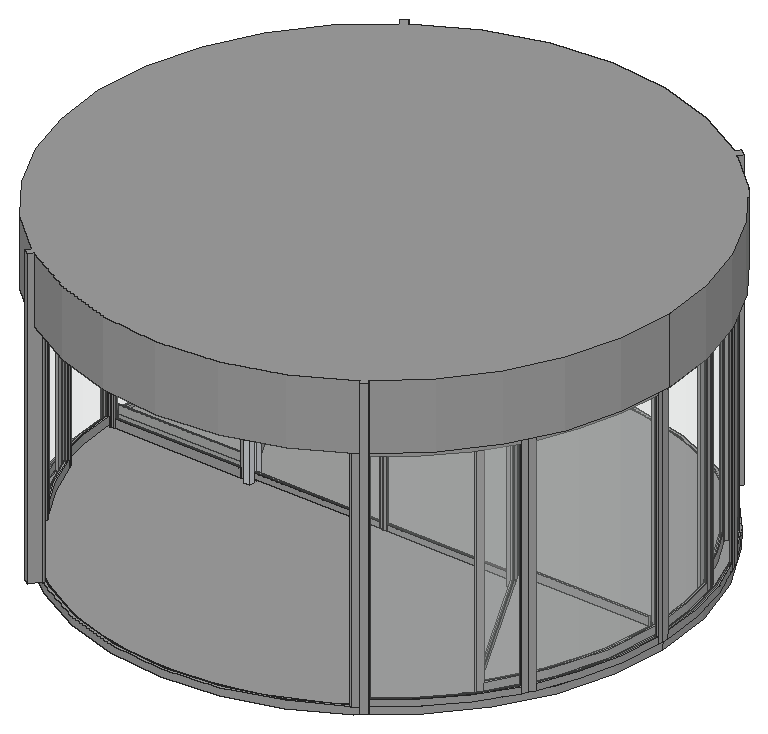
Revit family "Agta_Record_RlvngDrsetSym_K21", category Doors, Revit 2012 (continued)
Automatic sketch dimensions
  Extrusion 18 sketch curve to curve 8 = 37.00 mm
  curve 10 to Extrusion 19 sketch curve = 0.00 mm
  Extrusion 19 sketch curve to curve 10 = 0.00 mm
  curve 10 to Extrusion 19 sketch curve = 53.00 mm
  curve 10 to Extrusion 19 sketch curve = 5.20 mm
  Extrusion 19 sketch curve to Extrusion 19 sketch curve = 10.00 mm
  Extrusion 19 sketch curve to Extrusion 19 sketch curve = 10.80 mm
  curve 10 to Extrusion 19 sketch curve = 37.00 mm
  Extrusion 19 sketch curve to Extrusion 19 sketch curve = 0.00 mm
  Sweep 20 sketch curve to plane 3 "Center (Left/Right)" = 0.00 mm
  Sweep 21 sketch curve to plane 3 "Center (Left/Right)" = 0.00 mm
  Sweep 21 sketch curve to Sweep 21 sketch curve = 0.00 mm  (x2)
  plane 1 "Center (Front/Back)" to Sweep 21 sketch curve = 0.00 mm
  Sweep 21 sketch curve to profile plane = 0.00 mm
  Sweep 21 sketch curve to Sweep 21 sketch curve = 7.388 mm
  Sweep 21 sketch curve to Sweep 21 sketch curve = 8.87 mm
  Extrusion 22 sketch curve to curve 10 = 0.00 mm
  curve 10 to Extrusion 22 sketch curve = 0.00 mm
  Extrusion 22 sketch curve to curve 10 = 10.20 mm
  Extrusion 22 sketch curve to curve 10 = 1.00 mm
  curve 10 to Extrusion 22 sketch curve = 13.00 mm
  Extrusion 22 sketch curve to Extrusion 22 sketch curve = 1.00 mm
  Extrusion 22 sketch curve to Extrusion 22 sketch curve = 10.20 mm
  Extrusion 22 sketch curve to curve 10 = 66.20 mm
  curve 3 to Extrusion 23 sketch curve = 0.00 mm
  Extrusion 23 sketch curve to curve 3 = 0.00 mm
  Extrusion 23 sketch curve to curve 3 = 10.20 mm
  Extrusion 23 sketch curve to curve 3 = 1.00 mm
  curve 3 to Extrusion 23 sketch curve = 13.00 mm
  Extrusion 23 sketch curve to Extrusion 23 sketch curve = 1.00 mm
  curve 3 to Extrusion 23 sketch curve = 10.20 mm
  Extrusion 23 sketch curve to curve 3 = 56.00 mm
  curve 10 to Extrusion 24 sketch curve = 7.00 mm
  curve 10 to Extrusion 24 sketch curve = 26.00 mm
  Extrusion 24 sketch curve to Extrusion 24 sketch curve = 100.00 mm
  Extrusion 24 sketch curve to curve 10 = 53.00 mm
  Extrusion 25 sketch curve to curve 11 = 7.00 mm
  curve 11 to Extrusion 25 sketch curve = 26.00 mm
  Extrusion 25 sketch curve to Extrusion 25 sketch curve = 100.00 mm
  Extrusion 25 sketch curve to curve 11 = 53.00 mm
  curve 3 to Extrusion 26 sketch curve = 7.00 mm
  curve 3 to Extrusion 26 sketch curve = 26.00 mm
  Extrusion 26 sketch curve to Extrusion 26 sketch curve = 100.00 mm
  Extrusion 26 sketch curve to curve 3 = 53.00 mm
  Extrusion 27 sketch curve to curve 5 = 7.00 mm
  curve 5 to Extrusion 27 sketch curve = 26.00 mm
  Extrusion 27 sketch curve to Extrusion 27 sketch curve = 100.00 mm
  Extrusion 27 sketch curve to curve 5 = 53.00 mm
  plane 1 "Center (Front/Back)" to Extrusion 28 sketch curve = 0.00 mm
  Extrusion 28 sketch curve to plane 3 "Center (Left/Right)" = 0.00 mm
  Sweep 29 sketch curve to curve 5 = 0.00 mm  (x2)
  profile plane to Sweep 29 sketch curve = 0.00 mm
  Sweep 29 sketch curve to profile plane = 0.00 mm
  profile plane to Sweep 29 sketch curve = 11.00 mm
  Sweep 29 sketch curve to Sweep 29 sketch curve = 10.00 mm
  Sweep 29 sketch curve to Sweep 29 sketch curve = 5.00 mm
  profile plane to Sweep 29 sketch curve = 41.00 mm
  Sweep 29 sketch curve to Sweep 29 sketch curve = 15.00 mm
  Sweep 29 sketch curve to Sweep 29 sketch curve = 0.00 mm
  plane 1 "Center (Front/Back)" to Sweep 30 sketch curve = 0.00 mm
  Sweep 30 sketch curve to plane 3 "Center (Left/Right)" = 0.00 mm
  plane 4 "Top Plane" to Sweep 30 sketch curve = 0.00 mm
  Sweep 30 sketch curve to profile plane = 0.00 mm
  Sweep 30 sketch curve to Sweep 30 sketch curve = 26.00 mm
  Sweep 30 sketch curve to Sweep 30 sketch curve = 53.00 mm
  plane 1 "Center (Front/Back)" to Sweep 31 sketch curve = 0.00 mm
  Sweep 31 sketch curve to plane 3 "Center (Left/Right)" = 0.00 mm
  plane 4 "Top Plane" to Sweep 31 sketch curve = 0.00 mm
  Sweep 31 sketch curve to profile plane = 0.00 mm
  profile plane to Sweep 31 sketch curve = 26.00 mm
  Sweep 31 sketch curve to plane 4 "Top Plane" = 53.00 mm
  plane 1 "Center (Front/Back)" to Sweep 32 sketch curve = 0.00 mm
  Sweep 32 sketch curve to plane 3 "Center (Left/Right)" = 0.00 mm
  Sweep 32 sketch curve to profile plane = 0.00 mm
  Sweep 32 sketch curve to plane 4 "Top Plane" = 0.00 mm
  Sweep 32 sketch curve to profile plane = 26.00 mm
  Sweep 32 sketch curve to plane 4 "Top Plane" = 53.00 mm
  plane 1 "Center (Front/Back)" to Sweep 33 sketch curve = 0.00 mm
  Sweep 33 sketch curve to plane 3 "Center (Left/Right)" = 0.00 mm
  plane 4 "Top Plane" to Sweep 33 sketch curve = 0.00 mm
  Sweep 33 sketch curve to profile plane = 0.00 mm
  profile plane to Sweep 33 sketch curve = 26.00 mm
  Sweep 33 sketch curve to Sweep 33 sketch curve = 53.00 mm
  plane 1 "Center (Front/Back)" to Sweep 34 sketch curve = 0.00 mm
  Sweep 34 sketch curve to plane 3 "Center (Left/Right)" = 0.00 mm
  Sweep 34 sketch curve to profile plane = 0.00 mm
  plane 4 "Top Plane" to Sweep 34 sketch curve = 0.00 mm
  Sweep 34 sketch curve to Sweep 34 sketch curve = 26.00 mm
  Sweep 34 sketch curve to plane 4 "Top Plane" = 53.00 mm
  plane 1 "Center (Front/Back)" to Sweep 35 sketch curve = 0.00 mm
  Sweep 35 sketch curve to plane 3 "Center (Left/Right)" = 0.00 mm
  Sweep 35 sketch curve to profile plane = 0.00 mm
  plane 4 "Top Plane" to Sweep 35 sketch curve = 0.00 mm
  Sweep 35 sketch curve to profile plane = 26.00 mm
  Sweep 35 sketch curve to Sweep 35 sketch curve = 53.00 mm
  plane 1 "Center (Front/Back)" to Sweep 36 sketch curve = 0.00 mm
  Sweep 36 sketch curve to plane 3 "Center (Left/Right)" = 0.00 mm
  Sweep 36 sketch curve to profile plane = 0.00 mm
  plane 4 "Top Plane" to Sweep 36 sketch curve = 0.00 mm
  Sweep 36 sketch curve to profile plane = 26.00 mm
  Sweep 36 sketch curve to plane 4 "Top Plane" = 53.00 mm
  plane 1 "Center (Front/Back)" to Sweep 37 sketch curve = 0.00 mm
  Sweep 37 sketch curve to plane 3 "Center (Left/Right)" = 0.00 mm
  Sweep 37 sketch curve to plane 4 "Top Plane" = 0.00 mm
  Sweep 37 sketch curve to profile plane = 0.00 mm
  Sweep 37 sketch curve to Sweep 37 sketch curve = 26.00 mm
  Sweep 37 sketch curve to plane 4 "Top Plane" = 53.00 mm
  plane 1 "Center (Front/Back)" to Sweep 38 sketch curve = 0.00 mm
  Sweep 38 sketch curve to plane 3 "Center (Left/Right)" = 0.00 mm
  level to Sweep 38 sketch curve = 0.00 mm
  Sweep 38 sketch curve to profile plane = 0.00 mm
  profile plane to Sweep 38 sketch curve = 11.00 mm
  Sweep 38 sketch curve to Sweep 38 sketch curve = 10.00 mm
  Sweep 38 sketch curve to Sweep 38 sketch curve = 5.00 mm
  level to Sweep 38 sketch curve = 41.00 mm
  Sweep 38 sketch curve to Sweep 38 sketch curve = 15.00 mm
  Sweep 38 sketch curve to Sweep 38 sketch curve = 0.00 mm
  plane 1 "Center (Front/Back)" to Sweep 39 sketch curve = 0.00 mm
  Sweep 39 sketch curve to plane 3 "Center (Left/Right)" = 0.00 mm
  level to Sweep 39 sketch curve = 0.00 mm
  Sweep 39 sketch curve to profile plane = 0.00 mm
  profile plane to Sweep 39 sketch curve = 11.00 mm
  Sweep 39 sketch curve to Sweep 39 sketch curve = 10.00 mm
  Sweep 39 sketch curve to Sweep 39 sketch curve = 26.00 mm
  level to Sweep 39 sketch curve = 41.00 mm
  Sweep 39 sketch curve to Sweep 39 sketch curve = 15.00 mm
  Sweep 39 sketch curve to Sweep 39 sketch curve = 0.00 mm
  plane 1 "Center (Front/Back)" to Sweep 40 sketch curve = 0.00 mm
  Sweep 40 sketch curve to plane 3 "Center (Left/Right)" = 0.00 mm
  level to Sweep 40 sketch curve = 0.00 mm
  Sweep 40 sketch curve to profile plane = 0.00 mm
  Sweep 40 sketch curve to Sweep 40 sketch curve = 11.00 mm
  Sweep 40 sketch curve to Sweep 40 sketch curve = 10.00 mm
  Sweep 40 sketch curve to Sweep 40 sketch curve = 5.00 mm
  level to Sweep 40 sketch curve = 41.00 mm
  Sweep 40 sketch curve to Sweep 40 sketch curve = 15.00 mm
  Sweep 40 sketch curve to Sweep 40 sketch curve = 0.00 mm
  plane 1 "Center (Front/Back)" to Sweep 41 sketch curve = 0.00 mm
  Sweep 41 sketch curve to plane 3 "Center (Left/Right)" = 0.00 mm
  Sweep 41 sketch curve to level = 0.00 mm
  Sweep 41 sketch curve to profile plane = 0.00 mm
  profile plane to Sweep 41 sketch curve = 11.00 mm
  Sweep 41 sketch curve to Sweep 41 sketch curve = 10.00 mm
  Sweep 41 sketch curve to Sweep 41 sketch curve = 5.00 mm
  level to Sweep 41 sketch curve = 41.00 mm
  Sweep 41 sketch curve to Sweep 41 sketch curve = 15.00 mm
  Sweep 41 sketch curve to Sweep 41 sketch curve = 0.00 mm
  plane 1 "Center (Front/Back)" to Sweep 42 sketch curve = 0.00 mm
  Sweep 42 sketch curve to plane 3 "Center (Left/Right)" = 0.00 mm
  Sweep 42 sketch curve to level = 0.00 mm
  Sweep 42 sketch curve to profile plane = 0.00 mm
  Sweep 42 sketch curve to Sweep 42 sketch curve = 11.00 mm
  Sweep 42 sketch curve to Sweep 42 sketch curve = 10.00 mm
  Sweep 42 sketch curve to Sweep 42 sketch curve = 5.00 mm
  level to Sweep 42 sketch curve = 41.00 mm
  Sweep 42 sketch curve to Sweep 42 sketch curve = 15.00 mm
  Sweep 42 sketch curve to Sweep 42 sketch curve = 0.00 mm
  plane 1 "Center (Front/Back)" to Sweep 43 sketch curve = 0.00 mm
  Sweep 43 sketch curve to plane 3 "Center (Left/Right)" = 0.00 mm
  Sweep 43 sketch curve to level = 0.00 mm
  Sweep 43 sketch curve to profile plane = 0.00 mm
  profile plane to Sweep 43 sketch curve = 11.00 mm
  Sweep 43 sketch curve to Sweep 43 sketch curve = 10.00 mm
  Sweep 43 sketch curve to Sweep 43 sketch curve = 26.00 mm
  level to Sweep 43 sketch curve = 41.00 mm
  Sweep 43 sketch curve to Sweep 43 sketch curve = 15.00 mm
  Sweep 43 sketch curve to Sweep 43 sketch curve = 0.00 mm
  plane 1 "Center (Front/Back)" to Sweep 44 sketch curve = 0.00 mm
  Sweep 44 sketch curve to plane 3 "Center (Left/Right)" = 0.00 mm
  level to Sweep 44 sketch curve = 0.00 mm
  Sweep 44 sketch curve to profile plane = 0.00 mm
  Sweep 44 sketch curve to profile plane = 11.00 mm
  Sweep 44 sketch curve to Sweep 44 sketch curve = 10.00 mm
  Sweep 44 sketch curve to Sweep 44 sketch curve = 26.00 mm
  level to Sweep 44 sketch curve = 41.00 mm
  Sweep 44 sketch curve to Sweep 44 sketch curve = 15.00 mm
  Sweep 44 sketch curve to Sweep 44 sketch curve = 0.00 mm
  Revolve 45 sketch curve to plane 3 "Center (Left/Right)" = 0.00 mm
  Revolve 45 sketch curve to plane 8 = 0.00 mm
  Revolve 45 sketch curve to level = 0.00 mm
  Revolve 45 sketch curve to plane 8 = 175.00 mm
  Revolve 45 sketch curve to Revolve 45 sketch curve = 23.00 mm
  Revolve 45 sketch curve to Revolve 45 sketch curve = 3.00 mm
  plane 1 "Center (Front/Back)" to Extrusion 46 sketch curve = 0.00 mm
  Extrusion 46 sketch curve to plane 3 "Center (Left/Right)" = 0.00 mm
  plane 1 "Center (Front/Back)" to curve 16 = 0.00 mm
  curve 16 to plane 3 "Center (Left/Right)" = 0.00 mm
  plane 1 "Center (Front/Back)" to curve 13 = 0.00 mm
  curve 13 to plane 3 "Center (Left/Right)" = 0.00 mm
  Sweep 20 sketch curve to Sweep 20 sketch curve = 0.00 mm  (x2)
  plane 1 "Center (Front/Back)" to Sweep 20 sketch curve = 0.00 mm
  Sweep 20 sketch curve to profile plane = 0.00 mm
  Sweep 20 sketch curve to Sweep 20 sketch curve = 7.253 mm
  Sweep 20 sketch curve to Sweep 20 sketch curve = 5.497 mm
  Sweep 47 sketch curve to Sweep 47 sketch curve = 0.00 mm  (x2)
  plane 1 "Center (Front/Back)" to Sweep 47 sketch curve = 0.00 mm
  Sweep 47 sketch curve to profile plane = 0.00 mm
  Sweep 47 sketch curve to Sweep 47 sketch curve = 6.722 mm
  Sweep 47 sketch curve to Sweep 47 sketch curve = 0.219 mm
  Sweep 47 sketch curve to plane 3 "Center (Left/Right)" = 0.00 mm
  Sweep 48 sketch curve to plane 3 "Center (Left/Right)" = 0.00 mm
  Sweep 48 sketch curve to Sweep 48 sketch curve = 0.00 mm  (x2)
  plane 1 "Center (Front/Back)" to Sweep 48 sketch curve = 0.00 mm
  Sweep 48 sketch curve to profile plane = 0.00 mm
  Sweep 48 sketch curve to Sweep 48 sketch curve = 7.285 mm
  Sweep 48 sketch curve to Sweep 48 sketch curve = 0.223 mm
  Sweep 49 sketch curve to plane 1 "Center (Front/Back)" = 0.00 mm
  Sweep 49 sketch curve to Sweep 49 sketch curve = 0.00 mm
  Sweep 49 sketch curve to Sweep 49 sketch curve = 14.192 mm
  Sweep 49 sketch curve to Sweep 49 sketch curve = 4.617 mm
  Sweep 49 sketch curve to Sweep 49 sketch curve = 16.00 mm
  Masking region 1 sketch curve to Masking region 1 sketch curve = 37.517 mm
  Masking region 1 sketch curve to Masking region 1 sketch curve = 7.462 mm
  Masking region 1 sketch curve to Masking region 1 sketch curve = 16.06 mm
  plane 1 "Center (Front/Back)" to Masking region 1 sketch curve = 1.044 mm
  Masking region 1 sketch curve to plane 1 "Center (Front/Back)" = 3.18 mm
  Masking region 1 sketch curve to Masking region 1 sketch curve = 695.484 mm
  Masking region 1 sketch curve to Masking region 1 sketch curve = 24.435 mm
  Masking region 1 sketch curve to Masking region 1 sketch curve = 0.00 mm
  Masking region 1 sketch curve to Masking region 1 sketch curve = 751.467 mm
  Masking region 1 sketch curve to Masking region 1 sketch curve = 23.808 mm
  Masking region 2 sketch curve to Masking region 2 sketch curve = 0.00 mm  (x3)
  Masking region 2 sketch curve to curve 7 = 0.00 mm  (x2)
  Masking region 2 sketch curve to Masking region 2 sketch curve = 7.058 mm
  Masking region 2 sketch curve to Masking region 2 sketch curve = 8.03 mm
  Masking region 2 sketch curve to Masking region 2 sketch curve = 7.462 mm
  curve 26 to curve 26 = 15.036 mm
  curve 26 to curve 25 = 43.083 mm
  curve 25 to curve 25 = 14.913 mm
  curve 25 to curve 25 = 21.298 mm
  plane 1 "Center (Front/Back)" to curve 30 = 0.00 mm
  curve 31 to curve 32 = 24.483 mm
  curve 32 to curve 32 = 12.005 mm
  plane 1 "Center (Front/Back)" to curve 33 = 0.00 mm
  curve 34 to curve 34 = 14.913 mm
  curve 34 to curve 44 = 42.865 mm
  curve 43 to curve 42 = 24.134 mm
  curve 42 to curve 42 = 23.062 mm
  curve 32 to curve 45 = 1.412 mm
  curve 45 to curve 45 = 22.80 mm
  curve 45 to curve 32 = 59.02 mm
  curve 45 to curve 45 = 12.509 mm
  curve 27 to curve 46 = 9.574 mm
  curve 26 to curve 46 = 5.863 mm
  curve 47 to curve 27 = 4.356 mm
  curve 47 to curve 26 = 3.438 mm
  curve 48 to plane 1 "Center (Front/Back)" = 53.00 mm
  curve 29 to curve 48 = 9.586 mm
  curve 48 to curve 49 = 10.00 mm
  curve 49 to curve 29 = 4.869 mm
  plane 1 "Center (Front/Back)" to curve 50 = 52.777 mm
  curve 50 to curve 51 = 10.00 mm
  curve 35 to curve 53 = 3.583 mm
  curve 37 to curve 53 = 4.274 mm
  curve 54 to curve 38 = 9.59 mm
  curve 38 to curve 55 = 4.951 mm
  curve 56 to curve 41 = 9.693 mm
  curve 56 to curve 40 = 10.80 mm
  curve 41 to curve 57 = 4.951 mm
  curve 40 to curve 57 = 5.20 mm
  curve 58 to curve 44 = 6.213 mm
  curve 58 to curve 43 = 9.569 mm
  curve 44 to curve 59 = 3.583 mm
  curve 43 to curve 59 = 4.274 mm
  plane 7 to Sweep 47 sketch curve = 15.00 mm
  plane 7 to Sweep 49 sketch curve = 15.00 mm
  curve 62 to curve 11 = 0.758 mm
  curve 61 to curve 62 = 10.022 mm
  curve 65 to curve 9 = 299.002 mm
  curve 65 to curve 65 = 16.837 mm
Nested families
  nested 1: "Lighting spot" at (-497.191, -1855.544, 628.4) x (0.9659, -0.2588, 0) z (0, 0, 1), type "Lighting spot"
  nested 2: "Lighting spot" at (497.191, -1855.544, 628.4) x (0.9659, 0.2588, 0) z (0, 0, 1), type "Lighting spot"
  nested 3: "Lighting spot" at (1358.352, -1358.352, 628.4) x (0.7071, 0.7071, 0) z (0, 0, 1), type "Lighting spot"
  nested 4: "Lighting spot" at (1855.544, -497.191, 628.4) x (0.2588, 0.9659, 0) z (0, 0, 1), type "Lighting spot"
  nested 5: "Lighting spot" at (1855.544, 497.191, 628.4) x (-0.2588, 0.9659, 0) z (0, 0, 1), type "Lighting spot"
  nested 6: "Lighting spot" at (1358.352, 1358.352, 628.4) x (-0.7071, 0.7071, 0) z (0, 0, 1), type "Lighting spot"
  nested 7: "Lighting spot" at (497.191, 1855.544, 628.4) x (-0.9659, 0.2588, 0) z (0, 0, 1), type "Lighting spot"
  nested 8: "Lighting spot" at (-497.191, 1855.544, 628.4) x (-0.9659, -0.2588, 0) z (0, 0, 1), type "Lighting spot"
  nested 9: "Lighting spot" at (-1358.352, 1358.352, 628.4) x (-0.7071, -0.7071, 0) z (0, 0, 1), type "Lighting spot"
  nested 10: "Lighting spot" at (-1855.544, 497.191, 628.4) x (-0.2588, -0.9659, 0) z (0, 0, 1), type "Lighting spot"
  nested 11: "Lighting spot" at (-1855.544, -497.191, 628.4) x (0.2588, -0.9659, 0) z (0, 0, 1), type "Lighting spot"
  nested 12: "Lighting spot" at (-1358.352, -1358.352, 628.4) x (0.7071, -0.7071, 0) z (0, 0, 1), type "Lighting spot"
  nested 13: "Sliding doors - Door leafs and Showcase separator" at (0, -2.397, 0) x (0, 1, 0) z (0, 0, 1), type "Sliding doors - Door leafs and Showcase separator"
    with Showcase Width 1480.999 mm, Showcase Radius 2324.00 mm, Security Leaf Width 1154.00 mm, Passage Width 2240.00 mm, Outer Panel Width 1158.00 mm, Inside Diameter 4800.00 mm, Inner Radius 2400.00 mm, Inner Panel Width 1206.00 mm
  nested 14: "Movable circular panels" at (0, 0, 0) x (0, 1, 0) z (0, 0, 1), type "Movable circular panels"
    with Revolving Radius 2344.00 mm, Inside Diameter 4800.00 mm, Inner Radius 2400.00 mm
Definition of nested family "Lighting spot"
  Parameters (values of type "Lighting spot")
    Wattage = 21.5427 W
    built-in parameter 1150110 = 1 (stored number, unit not read)
    built-in parameter 1114217 = 1 (stored number, unit not read)
    built-in parameter 1150109 = 1 (stored number, unit not read)
    built-in parameter 1150134 = (empty or 0)
    built-in parameter 1150113 = 1 (stored number, unit not read)
    Lumens = 3200 lm
    built-in parameter 1010506 = 0.43633 (stored number, unit not read)
    built-in parameter 1010507 = 0.7854 (stored number, unit not read)
    Tilt Angle = 90.00°
    built-in parameter 1150115 = 1 (stored number, unit not read)
    built-in parameter 1150105 = 16800.3 (stored number, unit not read)
    Light Source Symbol Length = 2500.00 mm
    built-in parameter 1150137 = (empty or 0)
    built-in parameter 1150139 = (empty or 0)
    built-in parameter 1150112 = 1 (stored number, unit not read)
    built-in parameter 1150114 = 1 (stored number, unit not read)
    built-in parameter 1150132 = 2
    built-in parameter 1150102 = (empty or 0)
    built-in parameter 1150138 = (empty or 0)
    built-in parameter 1150107 = 3700 (stored number, unit not read)
    built-in parameter 1150106 = 168 (stored number, unit not read)
    built-in parameter 1150104 = 13.8 (stored number, unit not read)
    Dimming Lamp Color Temperature Shift = (empty or 0)
    Color Filter = 16777215
    built-in parameter 1114218 = 1 (stored number, unit not read)
    built-in parameter 1150133 = 10 (stored number, unit not read)
  Reference planes
    plane 1 "Tilt Plane (F/B)": y = 0
    plane 2: z = 0
    plane 3 "Light Source Axis (L/R)": x = 0
    plane 4 "Light Source Elevation": z = 1371.6
  Forms (mm)
    Sweep 1, solid
      path origin (0, 0, 1371.6) x (0, 0, 1) y (-0.965926, 0.258819, 0)
        loop
          line (-3.8, 0) -> (39, 0)
      profile origin (0, 0, 1389.2) x (-0.965926, 0.258819, 0) y (-0.258819, -0.965926, 0)
        loop
          circle (0, 0) r 40
        loop
          circle (0, 0) r 30
  Text (mm)
    text "0 Tilt Angle" at (809.978, -4572, 1586.413), in view "Front"
    text "90" at (-194.597, -4572, 2488.248), in view "Front"
    text "180" at (-1130.68, -4572, 1586.413), in view "Front"
    text "270" at (-320.169, -4572, 456.265), in view "Front"
    text "0 Tilt Angle" at (1952.354, 4572, 1542.98), in view "Back"
    text "180" at (-876.627, 4572, 1524.796), in view "Back"
    text "90" at (296.375, 4572, 2698.908), in view "Back"
    text "270" at (421.947, 4572, 666.926), in view "Back"
  Dimensions and locks
    aligned and locked: plane 3 "Light Source Axis (L/R)" to imposter light
    aligned and locked: plane 1 "Tilt Plane (F/B)" to imposter light
    aligned and locked: plane 4 "Light Source Elevation" to imposter light
    aligned and locked: level to plane 2
Definition of nested family "Sliding doors - Door leafs and Showcase separator"
  Parameters (values of type "Sliding doors - Door leafs and Showcase separator")
    Showcase visibility = yes
    Showcase Width = ((sin(71.85°) * (Outer Panel Width + 92.10 mm)) / sin(47.15°)) - 139.30 mm  # 1286.578 mm
    Showcase Radius = Inner Radius - 76.00 mm  # 2024.00 mm
    Showcase Height = Passage Height - 17.00 mm  # 1983.00 mm
    Security leaf visibility = not(Showcase visibility)  # no
    Security Leaf Width = Outer Panel Width - 4.00 mm  # 1004.00 mm
    Passage Width = (Inside Diameter - 320.00 mm) / 2  # 1940.00 mm
    Passage Height = 2000.00 mm
    Panel Height = Passage Height + 30.00 mm  # 2030.00 mm
    Panel Frames = Revolving Door, Aluminium
    Outer Panel Width = ((Inside Diameter - Passage Width) / 2) - 122.00 mm  # 1008.00 mm
    Opening = if(Open Door, Passage Width, Door Opening)  # 0.00 mm
    Open Door = no
    Leaf Panel Fill = Revolving Door, Laminated Safety Glass (Clear)
    Inside Diameter = Inner Radius * 2  # 4200.00 mm
    Inner Radius = 2100.00 mm
    Inner Panel Width = (Passage Width / 2) + 86.00 mm  # 1056.00 mm
    Door Opening = 0.00 mm
    Bottom Construction = Revolving Door, Stainless Steel
  Reference planes
    plane 1 "Center (Front/Back)": y = 0
    plane 2: z = 0
    plane 3 "Center (Left/Right)": x = 0
    plane 4: y = 1056
    plane 5: y = -1056
    plane 6: y = -970
    plane 7: y = 970
    plane 8: y = 2100
    plane 9: y = -2100
    plane 10: y = 0
    plane 11: y = 0
    plane 12: z = 2030
    plane 13: x = -53
    plane 14: x = 53
    plane 15: y = -1030
    plane 16: y = 1030
  Forms (mm)
    Extrusion 1, solid
      sketch origin (-76.604, 970, 1219.2) x (-1, 0, 0) y (0, 0, 1)
        loop
          line (-13.604, -1219.2) -> (-13.604, 801.8) -> (-63.604, 801.8) -> (-63.604, -1219.2) -> (-13.604, -1219.2)
        loop
          line (-139.604, -1219.2) -> (-89.604, -1219.2) -> (-89.604, 801.8) -> (-139.604, 801.8) -> (-139.604, -1219.2)
      from 0 to 50
    Extrusion 2, solid, material "Revolving Door, Aluminium" <- "Panel Frames"
      sketch origin (-76.604, -970, 1219.2) x (-1, 0, 0) y (0, 0, 1)
        loop
          line (-139.604, 801.8) -> (-139.604, -1219.2) -> (-89.604, -1219.2) -> (-89.604, 801.8) -> (-139.604, 801.8)
        loop
          line (-13.604, 801.8) -> (-63.604, 801.8) -> (-63.604, -1219.2) -> (-13.604, -1219.2) -> (-13.604, 801.8)
      from 0 to -50
    Extrusion 3, solid, material "Revolving Door, Stainless Steel" <- "Bottom Construction", visible <- "Showcase visibility"
      sketch origin (0, 0, 0) x (1, 0, 0) y (0, 1, 0)
        loop
          line (20, 1037.383) -> (1151.448, 1664.555)
          arc (1151.448, 1664.555) -> (612.662, 1929.047) -> (20, 2023.901) r 2024
          line (20, 2023.901) -> (20, 1037.383)
      from 8 to 95
    Extrusion 4, solid, material "Revolving Door, Stainless Steel" <- "Bottom Construction", visible <- "Showcase visibility"
      sketch origin (0, 0, 0) x (1, 0, 0) y (0, 1, 0)
        loop
          line (-20, -1037.383) -> (-1151.448, -1664.555)
          arc (-1151.448, -1664.555) -> (-612.662, -1929.047) -> (-20, -2023.901) r 2024
          line (-20, -2023.901) -> (-20, -1037.383)
      from 8 to 95
    Extrusion 5, solid, material "Revolving Door, Stainless Steel" <- "Bottom Construction", visible <- "Showcase visibility"
      sketch origin (0, 0, 0) x (1, 0, 0) y (0, 1, 0)
        loop
          line (20, 1037.383) -> (25.771, 1040.582) -> (25.771, 2023.836)
          arc (25.771, 2023.836) -> (22.886, 2023.871) -> (20, 2023.901) r 2024
          line (20, 2023.901) -> (20, 1037.383)
      from 95 to 170
    Extrusion 6, solid, material "Revolving Door, Stainless Steel" <- "Bottom Construction", visible <- "Showcase visibility"
      sketch origin (0, 0, 0) x (1, 0, 0) y (0, 1, 0)
        loop
          line (-20, -1037.383) -> (-25, -1040.155) -> (-25, -2023.846)
          arc (-25, -2023.846) -> (-22.5, -2023.875) -> (-20, -2023.901) r 2024
          line (-20, -2023.901) -> (-20, -1037.383)
      from 95 to 170
  Lines and regions (mm)
    Masking region 1, visible <- "Showcase visibility"
      outline origin (0, 0, 0) x (1, 0, 0) y (0, 1, 0)
        loop
          arc (1160.594, 1658.191) -> (617.97, 1927.353) -> (20, 2023.901) r 2024
          line (20, 2023.901) -> (20, 1025.95) -> (1160.594, 1658.191)
    Masking region 2, visible <- "Showcase visibility"
      outline origin (0, 0, 0) x (1, 0, 0) y (0, 1, 0)
        loop
          arc (-1160.594, -1658.191) -> (-617.97, -1927.353) -> (-20, -2023.901) r 2024
          line (-20, -2023.901) -> (-20, -1025.95) -> (-1160.594, -1658.191)
    Masking region 3, detail levels medium+fine
      outline origin (0, 0, 0) x (1, 0, 0) y (0, 1, 0)
        loop
          line (-63, 1020) -> (-63, 970) -> (-10, 970) -> (-10, 1020) -> (-63, 1020)
        loop
          line (63, 1020) -> (10, 1020) -> (10, 970) -> (63, 970) -> (63, 1020)
    Masking region 4, detail levels medium+fine
      outline origin (0, 0, 0) x (1, 0, 0) y (0, 1, 0)
        loop
          line (63, -970) -> (10, -970) -> (10, -1020) -> (63, -1020) -> (63, -970)
        loop
          line (-63, -970) -> (-63, -1020) -> (-10, -1020) -> (-10, -970) -> (-63, -970)
    reference lines
      curve 1: line (0, 1000, 0) -> (970.828, 1538.139, 0)
      curve 2: line (0, -1000, 0) -> (-970.828, -1538.139, 0)
      curve 3: line (20, 1037.383, 0) -> (20, 2023.901, 0)
      curve 4: line (20, 1037.383, 0) -> (2267.248, 2283.053, 0)
      curve 5: circle (0, 0, 0) r 2024 normal (0, 0, 1)
      curve 6: line (-20, -1037.383, 0) -> (-2249.755, -2273.357, 0)
      curve 7: line (-20, -1037.383, 0) -> (-20, -2023.901, 0)
      curve 8: line (-25, -1037.383, 0) -> (-25, -2023.846, 0)
      curve 9: line (25.771, 1037.383, 0) -> (25.771, 2023.836, 0)
    symbolic lines
      curve 10: line (0, 123.5, 1015) -> (0, 323.5, 1015)
      curve 11: line (0, 323.5, 1015) -> (0, 288.145, 1050.355)
      curve 12: line (0, 323.5, 1015) -> (0, 291.361, 976.698)
      curve 13: line (0, -128, 1015) -> (0, -328, 1015)
      curve 14: line (0, -328, 1015) -> (0, -292.645, 1050.355)
      curve 15: line (0, -328, 1015) -> (0, -292.645, 979.645)
      curve 16: line (110, -100, 0) -> (110, -300, 0)
      curve 17: line (110, -300, 0) -> (74.645, -264.645, 0)
      curve 18: line (110, -300, 0) -> (145.355, -264.645, 0)
      curve 19: line (110, 100, 0) -> (110, 300, 0)
      curve 20: line (110, 300, 0) -> (145.355, 264.645, 0)
      curve 21: line (110, 300, 0) -> (74.645, 264.645, 0)
  Dimensions and locks
    "Inner Panel Width": plane 1 "Center (Front/Back)" to plane 4
    "Inner Panel Width": plane 5 to plane 1 "Center (Front/Back)"
    locked: plane 4 to nested 2 at 30
    equal spacing: plane 7, plane 1 "Center (Front/Back)", plane 6
    "Passage Width": plane 7 to plane 6
    locked: nested 2 to plane 7 at 56
    equal spacing: plane 8, plane 1 "Center (Front/Back)", plane 9
    "Inside Diameter": plane 8 to plane 9
    curve 1 to nested 4 = 20.00 mm
    locked: nested 3 to curve 1 at 13
    locked: nested 3 to curve 1 at 67
    locked: nested 5 to plane 6 at 56
    locked: nested 5 to plane 5 at 30
    locked: nested 6 to curve 2 at 13
    locked: nested 6 to curve 2 at 67
    locked: nested 2 to Extrusion 1 sketch curve at 9
    locked: nested 5 to Extrusion 1 sketch curve at 9
    locked: Extrusion 2 sketch curve to nested 5 at 9
    locked: Extrusion 2 sketch curve to nested 2 at 9
    equal spacing: plane 10, plane 1 "Center (Front/Back)", plane 11
    "Opening": plane 10 to plane 11
    locked: plane 4 to curve 1 at 56
    locked: curve 2 to plane 5 at 56
    locked: plane 3 "Center (Left/Right)" to curve 3 at 20
    locked: curve 1 to curve 4 at 23
    locked: curve 7 to plane 3 "Center (Left/Right)" at 20
    locked: curve 2 to curve 6 at 23
    locked: curve 8 to curve 7 at 5
    "Panel Height": plane 12 to level
    equal spacing: plane 12, curve 13, level
    locked: plane 6 to plane 15 at 60
    locked: plane 16 to plane 7 at 60
    curve 16 to plane 1 "Center (Front/Back)" = 100.00 mm
    curve 19 to plane 1 "Center (Front/Back)" = 100.00 mm
    "Showcase Radius": radius of curve 5
    locked: curve 1 to plane 3 "Center (Left/Right)" (angle 61.00°)
    locked: curve 2 to plane 3 "Center (Left/Right)" (angle 61.00°)
    locked: Masking region 1 sketch curve to Extrusion 5 (angle 61.00°)
    angle Masking region 2 sketch curve to Masking region 2 sketch curve = 61.00°
    aligned and locked: plane 2 to level
    aligned and locked: plane 10 to nested 4
    aligned and locked: nested 1 to plane 11
    aligned and locked: Extrusion 3 sketch curve to curve 3
    aligned and locked: Extrusion 3 sketch curve to curve 5
    aligned and locked: Extrusion 3 sketch curve to curve 4
    aligned and locked: Extrusion 4 sketch curve to curve 6
    aligned and locked: Extrusion 4 sketch curve to curve 7
    aligned and locked: Extrusion 4 sketch curve to curve 5
    aligned and locked: Extrusion 5 sketch curve to curve 3
    aligned and locked: curve 9 to Extrusion 5 sketch curve
    aligned and locked: Extrusion 5 sketch curve to curve 5
    aligned and locked: Extrusion 5 sketch curve to curve 4
    aligned and locked: Extrusion 6 sketch curve to curve 7
    aligned and locked: curve 8 to Extrusion 6 sketch curve
    aligned and locked: Extrusion 6 sketch curve to curve 5
    aligned and locked: Extrusion 6 sketch curve to curve 6
    aligned and locked: nested 7 to plane 15
    aligned and locked: plane 13 to nested 7
    aligned and locked: plane 16 to nested 8
    aligned and locked: Extrusion 1 to curve 1  (x2)
    aligned and locked: Extrusion 2 to curve 2
    aligned and locked: Masking region 1 sketch curve to Extrusion 3
    aligned and locked: Masking region 2 sketch curve to Extrusion 4
    aligned and locked: Masking region 3 sketch curve to Extrusion 1  (x4)
    aligned and locked: Masking region 4 sketch curve to Extrusion 2  (x4)
    aligned and locked: Masking region 2 sketch curve to Extrusion 6
  Automatic sketch dimensions
    Extrusion 3 sketch curve to Extrusion 3 sketch curve = 0.00 mm
    Extrusion 4 sketch curve to Extrusion 4 sketch curve = 0.00 mm
    Extrusion 5 sketch curve to Extrusion 5 sketch curve = 0.00 mm
    Extrusion 6 sketch curve to Extrusion 6 sketch curve = 0.00 mm
    plane 1 "Center (Front/Back)" to curve 5 = 0.00 mm
    curve 5 to plane 3 "Center (Left/Right)" = 0.00 mm
    curve 1 to plane 3 "Center (Left/Right)" = 0.00 mm
    curve 2 to plane 3 "Center (Left/Right)" = 0.00 mm
    curve 6 to plane 9 = 173.357 mm
    plane 8 to curve 4 = 183.053 mm
    curve 8 to curve 6 = 0.00 mm
    curve 3 to curve 9 = 0.00 mm
    curve 9 to curve 3 = 0.065 mm
    plane 1 "Center (Front/Back)" to curve 15 = 328.00 mm
    curve 13 to curve 14 = 35.355 mm
    curve 13 to curve 15 = 35.355 mm
    plane 1 "Center (Front/Back)" to curve 13 = 128.00 mm
    curve 10 to plane 1 "Center (Front/Back)" = 123.50 mm
    curve 10 to curve 11 = 164.645 mm
    curve 11 to curve 12 = 3.216 mm
    curve 12 to curve 10 = 32.139 mm
    curve 15 to curve 13 = 35.355 mm
    curve 12 to curve 13 = 38.302 mm
    curve 12 to curve 12 = 38.302 mm
    curve 10 to curve 11 = 35.355 mm
    Extrusion 1 sketch curve to level = 0.00 mm  (x2)
    plane 14 to Extrusion 1 sketch curve = 10.00 mm
    plane 3 "Center (Left/Right)" to Extrusion 1 sketch curve = 13.00 mm
    Extrusion 1 sketch curve to plane 3 "Center (Left/Right)" = 13.00 mm
    plane 13 to Extrusion 1 sketch curve = 10.00 mm
    Extrusion 2 sketch curve to level = 0.00 mm  (x2)
    plane 14 to Extrusion 2 sketch curve = 10.00 mm
    plane 3 "Center (Left/Right)" to Extrusion 2 sketch curve = 13.00 mm
    Extrusion 2 sketch curve to plane 3 "Center (Left/Right)" = 13.00 mm
    plane 13 to Extrusion 2 sketch curve = 10.00 mm
    plane 14 to curve 17 = 21.645 mm
    plane 14 to curve 21 = 21.645 mm
    curve 17 to curve 17 = 35.355 mm
    curve 21 to curve 21 = 35.355 mm
    curve 16 to curve 18 = 35.355 mm
    curve 19 to curve 20 = 35.355 mm
    curve 18 to curve 16 = 164.645 mm
    curve 17 to curve 18 = 0.00 mm
    curve 19 to curve 20 = 164.645 mm
    curve 21 to curve 20 = 0.00 mm
    Masking region 3 sketch curve to plane 3 "Center (Left/Right)" = 10.00 mm
    plane 3 "Center (Left/Right)" to Masking region 3 sketch curve = 10.00 mm
    Masking region 3 sketch curve to Masking region 3 sketch curve = 0.00 mm
    Masking region 3 sketch curve to plane 7 = 0.00 mm
    Masking region 4 sketch curve to plane 3 "Center (Left/Right)" = 10.00 mm
    plane 3 "Center (Left/Right)" to Masking region 4 sketch curve = 10.00 mm
    Masking region 4 sketch curve to Masking region 4 sketch curve = 0.00 mm
    Masking region 4 sketch curve to plane 6 = 0.00 mm
    plane 3 "Center (Left/Right)" to Masking region 1 sketch curve = 20.00 mm
    Masking region 1 sketch curve to plane 16 = 4.05 mm
    plane 15 to Masking region 2 sketch curve = 4.05 mm
  Nested families
    nested 1: "Openable panels" at (-10, 0, 0) x (0, -1, 0) z (0, 0, 1), type "Openable panels"
      with Inner Panel Width 1056.00 mm
    nested 2: "Side panels (fixed)" at (-30, 1026, 0) x (0, 1, 0) z (0, 0, 1), type "Side panels (fixed)"
      with Outer Panel Width 1008.00 mm
    nested 3: "Showcase separator" at (64.902, 1021.112, 0) x (0.8746, 0.4848, 0) z (0, 0, 1), visible <- "Showcase visibility", type "Showcase separator"
      with Showcase Width 1286.578 mm
    nested 4: "Openable panels" at (10, 0, 0) x (0, 1, 0) z (0, 0, 1), type "Openable panels"
      with Inner Panel Width 1056.00 mm
    nested 5: "Side panels (fixed)" at (30, -1026, 0) x (0, -1, 0) z (0, 0, 1), type "Side panels (fixed)"
      with Outer Panel Width 1008.00 mm
    nested 6: "Showcase separator" at (-64.902, -1021.112, 0) x (-0.8746, -0.4848, 0) z (0, 0, 1), visible <- "Showcase visibility", type "Showcase separator"
      with Showcase Width 1286.578 mm
    nested 7: "Security Leaf" at (-53, -1030, 0) x (0, -1, 0) z (0, 0, 1), visible <- "Security leaf visibility", type "Security Leaf"
      with Security Leaf Width 1004.00 mm
    nested 8: "Security Leaf" at (53, 1030, 0) x (0, 1, 0) z (0, 0, 1), visible <- "Security leaf visibility", type "Security Leaf"
      with Security Leaf Width 1004.00 mm
  Definition of nested family "Openable panels"
    Parameters (values of type "Openable panels")
      Panel Height = 2030.00 mm
      Panel Frames = Revolving Door, Aluminium
      Leaf Panel Fill = Revolving Door, Laminated Safety Glass (Clear)
      Inner Panel Width = 906.00 mm
    Reference planes
      plane 1 "Center (Front/Back)": y = 0
      plane 2: z = 0
      plane 3 "Center (Left/Right)": x = 0
      plane 4: x = 906
      plane 5: z = 2030
      plane 6: x = 870
      plane 7: x = 28
      plane 8: z = 2011.5
      plane 9: z = 63
      plane 10: x = 881.5
      plane 11: x = 23.5
      plane 12: z = 24
    Forms (mm)
      Extrusion 1, solid, material "Revolving Door, Aluminium" <- "Panel Frames"
        sketch origin (0, 0, 0) x (1, 0, 0) y (0, 1, 0)
          loop
            line (0, 0) -> (28, 0) -> (28, 5) -> (23.5, 5) -> (23.5, 15) -> (28, 15) -> (28, 20) -> (0, 20) -> (0, 0)
        from 24 to 2030
      Extrusion 2, solid, material "Revolving Door, Aluminium" <- "Panel Frames"
        sketch origin (591.5, 0, 0) x (-1, 0, 0) y (0, -1, 0)
          loop
            line (-314.5, 0) -> (-314.5, -34.75) -> (-307.5, -34.75) -> (-307.5, -20) -> (-278.5, -20) -> (-278.5, -15) -> (-290, -15) -> (-290, -5) -> (-278.5, -5) -> (-278.5, 0) -> (-314.5, 0)
        from 24 to 2030
      Extrusion 3, solid, material "Revolving Door, Aluminium" <- "Panel Frames"
        sketch origin (-55, 0, 0) x (0, 1, 0) y (0, 0, 1)
          loop
            line (0, 24) -> (1.85, 24) -> (1.85, 34.5) -> (18.15, 34.5) -> (18.15, 24) -> (20, 24) -> (20, 74) -> (15, 74) -> (15, 63) -> (5, 63) -> (5, 74) -> (0, 74) -> (0, 24)
        from 83 to 925
      Extrusion 4, solid, material "Revolving Door, Aluminium" <- "Panel Frames"
        sketch origin (75, 0, 0) x (0, 1, 0) y (0, 0, 1)
          loop
            line (0, 2030) -> (0, 2000) -> (5, 2000) -> (5, 2011.5) -> (15, 2011.5) -> (15, 2000) -> (20, 2000) -> (20, 2030) -> (0, 2030)
        from -47 to 795
      Extrusion 5, solid, material "Revolving Door, Laminated Safety Glass (Clear)" <- "Leaf Panel Fill"
        sketch origin (0, 0, 0) x (1, 0, 0) y (0, 1, 0)
          loop
            line (23.5, 15) -> (23.5, 5) -> (881.5, 5) -> (881.5, 15) -> (23.5, 15)
        from 63 to 2011.5
    Lines and regions (mm)
      Masking region 1
        outline origin (0, 0, 0) x (1, 0, 0) y (0, 1, 0)
          loop
            line (906, 0) -> (906, 30) -> (870, 30) -> (870, 20) -> (28, 20) -> (0, 20) -> (0, 0) -> (28, 0) -> (870, 0) -> (906, 0)
      symbolic lines
        curve 1: line (870, 0, 0) -> (870, 20, 0)
      symbolic lines, detail levels medium+fine
        curve 2: line (28, 20, 0) -> (28, 0, 0)
      symbolic lines, detail levels fine
        curve 3: line (870, 15, 0) -> (28, 15, 0)
        curve 4: line (28, 5, 0) -> (870, 5, 0)
    Dimensions and locks
      "Panel Height": plane 5 to plane 2
      "Inner Panel Width": plane 4 to plane 3 "Center (Left/Right)"
      locked: plane 7 to plane 3 "Center (Left/Right)" at 28
      locked: plane 6 to plane 4 at 36
      locked: plane 5 to plane 8 at 18.5
      locked: plane 9 to level at 63
      locked: plane 4 to plane 10 at 24.5
      locked: plane 11 to plane 3 "Center (Left/Right)" at 23.5
      Masking region 1 sketch curve to Extrusion 2 = 30.00 mm
      aligned and locked: plane 2 to level
      aligned and locked: plane 5 to Extrusion 2
      aligned and locked: plane 5 to Extrusion 1
      aligned and locked: Extrusion 1 to Extrusion 2
      aligned and locked: Extrusion 4 to plane 7
      aligned and locked: Extrusion 4 to plane 6
      aligned and locked: Extrusion 3 to plane 7
      aligned and locked: Extrusion 3 to plane 6
      aligned and locked: plane 8 to Extrusion 5
      aligned and locked: Extrusion 5 to plane 9
      aligned and locked: Extrusion 5 to plane 10
      aligned and locked: Extrusion 5 to plane 11
      aligned and locked: Extrusion 1 to Extrusion 3
      aligned and locked: Extrusion 3 to Extrusion 2
      aligned and locked: Extrusion 2 sketch curve to plane 10
      aligned and locked: Extrusion 2 sketch curve to plane 6  (x2)
      aligned and locked: Extrusion 2 sketch curve to plane 4
      aligned and locked: plane 7 to Extrusion 1 sketch curve  (x2)
      aligned and locked: plane 11 to Extrusion 1 sketch curve
      aligned and locked: Extrusion 1 sketch curve to plane 3 "Center (Left/Right)"
      aligned and locked: Extrusion 1 to plane 12
      aligned and locked: plane 12 to Extrusion 3 sketch curve
      aligned and locked: Extrusion 3 sketch curve to plane 9
      aligned and locked: plane 8 to Extrusion 4 sketch curve
      aligned and locked: Masking region 1 sketch curve to Extrusion 2  (x2)
      aligned and locked: Masking region 1 sketch curve to Extrusion 3  (x2)
      aligned and locked: Masking region 1 sketch curve to Extrusion 1  (x3)
      aligned and locked: curve 1 to Extrusion 3
      aligned and locked: curve 2 to Extrusion 3
      aligned and locked: Extrusion 5 to curve 3
      aligned and locked: Extrusion 5 to curve 4
      aligned and locked: Extrusion 3 to curve 3  (x2)
      aligned and locked: Extrusion 3 to curve 4  (x2)
      aligned and locked: Masking region 1 sketch curve to plane 6
    Automatic sketch dimensions
      plane 1 "Center (Front/Back)" to Extrusion 1 sketch curve = 0.00 mm
      Extrusion 1 sketch curve to plane 1 "Center (Front/Back)" = 5.00 mm
      Extrusion 1 sketch curve to Extrusion 1 sketch curve = 10.00 mm
      Extrusion 1 sketch curve to Extrusion 1 sketch curve = 5.00 mm
      Extrusion 3 sketch curve to plane 1 "Center (Front/Back)" = 0.00 mm
      Extrusion 3 sketch curve to plane 1 "Center (Front/Back)" = 1.85 mm
      Extrusion 3 sketch curve to plane 1 "Center (Front/Back)" = 5.00 mm
      level to Extrusion 3 sketch curve = 24.00 mm
      Extrusion 3 sketch curve to Extrusion 3 sketch curve = 16.30 mm
      Extrusion 3 sketch curve to Extrusion 3 sketch curve = 10.00 mm
      Extrusion 3 sketch curve to Extrusion 3 sketch curve = 5.00 mm
      Extrusion 3 sketch curve to Extrusion 3 sketch curve = 10.50 mm
      Extrusion 3 sketch curve to Extrusion 3 sketch curve = 11.00 mm  (x2)
      Extrusion 4 sketch curve to plane 1 "Center (Front/Back)" = 0.00 mm
      Extrusion 4 sketch curve to plane 5 = 0.00 mm
      Extrusion 4 sketch curve to plane 1 "Center (Front/Back)" = 5.00 mm
      Extrusion 4 sketch curve to Extrusion 4 sketch curve = 10.00 mm
      Extrusion 4 sketch curve to Extrusion 4 sketch curve = 5.00 mm
      Extrusion 4 sketch curve to Extrusion 4 sketch curve = 11.50 mm  (x2)
      Extrusion 5 sketch curve to plane 7 = 4.50 mm
      Extrusion 5 sketch curve to plane 6 = 11.50 mm
      Extrusion 5 sketch curve to plane 1 "Center (Front/Back)" = 5.00 mm
      Extrusion 5 sketch curve to Extrusion 5 sketch curve = 10.00 mm
      plane 1 "Center (Front/Back)" to Extrusion 2 sketch curve = 0.00 mm
      Extrusion 2 sketch curve to Extrusion 2 sketch curve = 7.00 mm
      plane 1 "Center (Front/Back)" to Extrusion 2 sketch curve = 5.00 mm
      Extrusion 2 sketch curve to Extrusion 2 sketch curve = 10.00 mm
      Extrusion 2 sketch curve to Extrusion 2 sketch curve = 14.75 mm
      Extrusion 2 sketch curve to Extrusion 2 sketch curve = 5.00 mm
      plane 1 "Center (Front/Back)" to curve 2 = 0.00 mm
      plane 1 "Center (Front/Back)" to curve 1 = 0.00 mm
      curve 4 to plane 1 "Center (Front/Back)" = 5.00 mm
      curve 4 to curve 3 = 10.00 mm
      curve 3 to curve 2 = 5.00 mm
      curve 3 to curve 1 = 5.00 mm
      Masking region 1 sketch curve to plane 7 = 0.00 mm  (x2)
      Masking region 1 sketch curve to plane 6 = 0.00 mm
  Definition of nested family "Side panels (fixed)"
    Parameters (values of type "Side panels (fixed)")
      Panel Height = 2030.00 mm
      Panel Frames = Revolving Door, Aluminium
      Outer Panel Width = 858.00 mm
      Leaf Panel Fill = Revolving Door, Laminated Safety Glass (Clear)
    Reference planes
      plane 1 "Center (Front/Back)": y = 0
      plane 2: z = 0
      plane 3 "Center (Left/Right)": x = 0
      plane 4: x = 858
      plane 5: z = 2030
      plane 6: x = 828
      plane 7: x = 30
      plane 8: z = 2011.5
      plane 9: z = 86
      plane 10: x = 839.5
      plane 11: x = 18.5
      plane 12: z = 24
    Forms (mm)
      Extrusion 1, solid, material "Revolving Door, Aluminium" <- "Panel Frames"
        sketch origin (0, 0, 0) x (1, 0, 0) y (0, 1, 0)
          loop
            line (0, 0) -> (30, 0) -> (30, 5) -> (18.5, 5) -> (18.5, 15) -> (30, 15) -> (30, 20) -> (0, 20) -> (0, 0)
        from 24 to 2030
      Extrusion 2, solid, material "Revolving Door, Aluminium" <- "Panel Frames"
        sketch origin (591.5, 0, 0) x (-1, 0, 0) y (0, -1, 0)
          loop
            line (-266.5, 0) -> (-266.5, -20) -> (-236.5, -20) -> (-236.5, -15) -> (-248, -15) -> (-248, -5) -> (-236.5, -5) -> (-236.5, 0) -> (-266.5, 0)
        from 24 to 2030
      Extrusion 3, solid, material "Revolving Door, Aluminium" <- "Panel Frames"
        sketch origin (75, 0, 0) x (0, 1, 0) y (0, 0, 1)
          loop
            line (0, 2030) -> (0, 2000) -> (5, 2000) -> (5, 2011.5) -> (15, 2011.5) -> (15, 2000) -> (20, 2000) -> (20, 2030) -> (0, 2030)
        from -45 to 753
      Extrusion 4, solid, material "Revolving Door, Laminated Safety Glass (Clear)" <- "Leaf Panel Fill"
        sketch origin (0, 0, 0) x (1, 0, 0) y (0, 1, 0)
          loop
            line (18.5, 15) -> (18.5, 5) -> (839.5, 5) -> (839.5, 15) -> (18.5, 15)
        from 86 to 2011.5
      Extrusion 5, solid, material "Revolving Door, Aluminium" <- "Panel Frames"
        sketch origin (20, 0, 0) x (0, 1, 0) y (0, 0, 1)
          loop
            line (5, 97) -> (0, 97) -> (0, 24) -> (1.725, 24) -> (1.725, 34.35) -> (18.275, 34.35) -> (18.275, 24) -> (20, 24) -> (20, 97) -> (15, 97) -> (15, 86) -> (5, 86) -> (5, 97)
        from 10 to 808
      Extrusion 6, solid, material "Revolving Door, Aluminium" <- "Panel Frames"
        sketch origin (0, 0, 0) x (1, 0, 0) y (0, 1, 0)
          loop
            line (828, 20) -> (858, 20) -> (858, 0) -> (828, 0) -> (828, -3) -> (868, -3) -> (868, 24.5) -> (828, 24.5) -> (828, 20)
        from 24 to 2030
      Extrusion 7, solid, material "Revolving Door, Aluminium" <- "Panel Frames"
        sketch origin (0, 0, 0) x (1, 0, 0) y (0, 1, 0)
          loop
            line (0, 20) -> (-6, 20) -> (-6, -17) -> (11.75, -17) -> (11.75, 0) -> (0, 0) -> (0, 20)
        from 24 to 2030
    Lines and regions (mm)
      Masking region 1
        outline origin (0, 0, 0) x (1, 0, 0) y (0, 1, 0)
          loop
            line (-6, 20) -> (-6, -10) -> (30, -10) -> (30, 0) -> (828, 0) -> (828, -3) -> (868, -3) -> (868, 24.5) -> (828, 24.5) -> (828, 20) -> (30, 20) -> (0, 20) -> (-6, 20)
      symbolic lines
        curve 1: line (30, 20, 0) -> (30, 0, 0)
        curve 2: line (828, 0, 0) -> (828, 20, 0)
      symbolic lines, detail levels fine
        curve 3: line (828, 15, 0) -> (30, 15, 0)
        curve 4: line (30, 5, 0) -> (828, 5, 0)
    Dimensions and locks
      "Panel Height": plane 5 to plane 2
      "Outer Panel Width": plane 4 to plane 3 "Center (Left/Right)"
      locked: plane 7 to plane 3 "Center (Left/Right)" at 30
      locked: plane 6 to plane 4 at 30
      locked: plane 5 to plane 8 at 18.5
      plane 9 to plane 12 to level = 62.00 mm locked, 24.00 mm locked
      locked: plane 4 to plane 10 at 18.5
      locked: plane 11 to plane 3 "Center (Left/Right)" at 18.5
      aligned and locked: plane 2 to level
      aligned and locked: plane 5 to Extrusion 2
      aligned and locked: plane 5 to Extrusion 1
      aligned and locked: Extrusion 3 to plane 7
      aligned and locked: Extrusion 3 to plane 6
      aligned and locked: plane 8 to Extrusion 4
      aligned and locked: Extrusion 4 to plane 9
      aligned and locked: Extrusion 4 to plane 10
      aligned and locked: Extrusion 4 to plane 11
      aligned and locked: Extrusion 5 to plane 6
      aligned and locked: Extrusion 5 to plane 7
      aligned and locked: Extrusion 2 sketch curve to plane 10
      aligned and locked: plane 11 to Extrusion 1
      aligned and locked: plane 5 to Extrusion 6
      aligned and locked: plane 8 to Extrusion 3 sketch curve
      aligned and locked: plane 5 to Extrusion 7
      aligned and locked: Extrusion 7 to plane 12
      aligned and locked: Extrusion 6 to plane 12
      aligned and locked: Extrusion 2 to plane 12
      aligned and locked: Masking region 1 sketch curve to Extrusion 7  (x2)
      aligned and locked: Masking region 1 sketch curve to Extrusion 5  (x2)
      aligned and locked: Masking region 1 sketch curve to Extrusion 6  (x5)
      aligned and locked: Masking region 1 sketch curve to Extrusion 1
      aligned and locked: curve 1 to Extrusion 5
      aligned and locked: curve 2 to Extrusion 5
      aligned and locked: Extrusion 4 to curve 3
      aligned and locked: Extrusion 4 to curve 4
      aligned and locked: Extrusion 5 to curve 3  (x2)
      aligned and locked: Extrusion 5 to curve 4  (x2)
      aligned and locked: Masking region 1 sketch curve to plane 7
    Automatic sketch dimensions
      Extrusion 1 sketch curve to plane 3 "Center (Left/Right)" = 0.00 mm
      Extrusion 1 sketch curve to plane 7 = 0.00 mm  (x2)
      plane 1 "Center (Front/Back)" to Extrusion 1 sketch curve = 0.00 mm
      Extrusion 1 sketch curve to plane 11 = 0.00 mm
      Extrusion 1 sketch curve to Extrusion 1 sketch curve = 5.00 mm  (x2)
      Extrusion 1 sketch curve to Extrusion 1 sketch curve = 10.00 mm
      Extrusion 2 sketch curve to plane 4 = 0.00 mm
      Extrusion 2 sketch curve to plane 6 = 0.00 mm  (x2)
      plane 1 "Center (Front/Back)" to Extrusion 2 sketch curve = 0.00 mm
      Extrusion 2 sketch curve to Extrusion 2 sketch curve = 5.00 mm  (x2)
      Extrusion 2 sketch curve to Extrusion 2 sketch curve = 10.00 mm
      Extrusion 3 sketch curve to plane 1 "Center (Front/Back)" = 0.00 mm
      Extrusion 3 sketch curve to plane 5 = 0.00 mm
      Extrusion 3 sketch curve to plane 1 "Center (Front/Back)" = 5.00 mm
      Extrusion 3 sketch curve to Extrusion 3 sketch curve = 10.00 mm
      Extrusion 3 sketch curve to Extrusion 3 sketch curve = 5.00 mm
      Extrusion 3 sketch curve to plane 8 = 11.50 mm  (x2)
      Extrusion 4 sketch curve to plane 11 = 0.00 mm
      Extrusion 4 sketch curve to plane 10 = 0.00 mm
      Extrusion 4 sketch curve to plane 1 "Center (Front/Back)" = 5.00 mm
      Extrusion 4 sketch curve to Extrusion 4 sketch curve = 10.00 mm
      Extrusion 6 sketch curve to plane 6 = 0.00 mm  (x2)
      Extrusion 6 sketch curve to plane 4 = 0.00 mm
      plane 1 "Center (Front/Back)" to Extrusion 6 sketch curve = 0.00 mm
      plane 1 "Center (Front/Back)" to Extrusion 6 sketch curve = 3.00 mm
      plane 4 to Extrusion 6 sketch curve = 10.00 mm
      Extrusion 6 sketch curve to Extrusion 6 sketch curve = 20.00 mm
      Extrusion 6 sketch curve to Extrusion 6 sketch curve = 4.50 mm
      level to Extrusion 5 sketch curve = 24.00 mm  (x2)
      Extrusion 5 sketch curve to plane 1 "Center (Front/Back)" = 0.00 mm
      Extrusion 5 sketch curve to plane 9 = 0.00 mm
      Extrusion 5 sketch curve to Extrusion 5 sketch curve = 5.00 mm
      Extrusion 5 sketch curve to plane 1 "Center (Front/Back)" = 1.725 mm
      Extrusion 5 sketch curve to Extrusion 5 sketch curve = 16.55 mm
      Extrusion 5 sketch curve to Extrusion 5 sketch curve = 10.00 mm
      Extrusion 5 sketch curve to Extrusion 5 sketch curve = 1.725 mm
      Extrusion 5 sketch curve to Extrusion 5 sketch curve = 10.35 mm
      plane 9 to Extrusion 5 sketch curve = 11.00 mm  (x2)
      plane 1 "Center (Front/Back)" to Extrusion 7 sketch curve = 0.00 mm
      Extrusion 7 sketch curve to plane 3 "Center (Left/Right)" = 0.00 mm
      Extrusion 7 sketch curve to plane 3 "Center (Left/Right)" = 6.00 mm
      Extrusion 7 sketch curve to plane 11 = 6.75 mm
      plane 1 "Center (Front/Back)" to Extrusion 7 sketch curve = 17.00 mm
      Extrusion 7 sketch curve to plane 1 "Center (Front/Back)" = 20.00 mm
      Masking region 1 sketch curve to plane 7 = 0.00 mm
      Masking region 1 sketch curve to plane 3 "Center (Left/Right)" = 0.00 mm
      plane 1 "Center (Front/Back)" to curve 1 = 0.00 mm
      plane 1 "Center (Front/Back)" to curve 2 = 0.00 mm
      curve 4 to plane 1 "Center (Front/Back)" = 5.00 mm
      curve 1 to curve 3 = 15.00 mm
      curve 3 to curve 2 = 5.00 mm
      curve 3 to curve 1 = 5.00 mm
      Masking region 1 sketch curve to Masking region 1 sketch curve = 10.00 mm
  Definition of nested family "Showcase separator"
    Parameters (values of type "Showcase separator")
      Showcase Width = 1092.158 mm
      Panel Height = 1983.00 mm
      Panel Frames = Revolving Door, Aluminium
      Leaf Panel Fill = Revolving Door, Laminated Safety Glass (Clear)
    Reference planes
      plane 1 "Center (Front/Back)": y = 0
      plane 2: z = 0
      plane 3 "Center (Left/Right)": x = 0
      plane 4: x = 1092.158
      plane 5: z = 1983
      plane 6: x = 1027.158
      plane 7: x = 65
      plane 8: z = 1933
      plane 9: z = 90
      plane 10: x = 1042.158
      plane 11: x = 50
      plane 12: z = 40
    Forms (mm)
      Extrusion 1, solid, material "Revolving Door, Aluminium" <- "Panel Frames"
        sketch origin (0, 0, 0) x (1, 0, 0) y (0, 1, 0)
          loop
            line (0, 0) -> (65, 0) -> (65, 8) -> (50, 8) -> (50, 18) -> (65, 18) -> (65, 26) -> (0, 26) -> (0, 0)
        from 40 to 1983
      Extrusion 2, solid, material "Revolving Door, Aluminium" <- "Panel Frames"
        sketch origin (591.5, 0, 0) x (-1, 0, 0) y (0, -1, 0)
          loop
            line (-500.658, 0) -> (-500.658, -26) -> (-435.658, -26) -> (-435.658, -18) -> (-450.658, -18) -> (-450.658, -8) -> (-435.658, -8) -> (-435.658, 0) -> (-500.658, 0)
        from 40 to 1983
      Extrusion 3, solid, material "Revolving Door, Aluminium" <- "Panel Frames"
        sketch origin (-55, 0, 0) x (0, 1, 0) y (0, 0, 1)
          loop
            line (0, 40) -> (26, 40) -> (26, 105) -> (18, 105) -> (18, 90) -> (8, 90) -> (8, 105) -> (0, 105) -> (0, 40)
        from 120 to 1082.158
      Extrusion 4, solid, material "Revolving Door, Aluminium" <- "Panel Frames"
        sketch origin (75, 0, 0) x (0, 1, 0) y (0, 0, 1)
          loop
            line (0, 1983) -> (0, 1918) -> (8, 1918) -> (8, 1933) -> (18, 1933) -> (18, 1918) -> (26, 1918) -> (26, 1983) -> (0, 1983)
        from -10 to 952.158
      Extrusion 5, solid, material "Revolving Door, Laminated Safety Glass (Clear)" <- "Leaf Panel Fill"
        sketch origin (0, 0, 0) x (1, 0, 0) y (0, 1, 0)
          loop
            line (50, 18) -> (50, 8) -> (1042.158, 8) -> (1042.158, 18) -> (50, 18)
        from 90 to 1933
    Lines and regions (mm)
      Masking region 1
        outline origin (0, 0, 0) x (1, 0, 0) y (0, 1, 0)
          loop
            line (0, 26) -> (0, 0) -> (65, 0) -> (1027.158, 0) -> (1092.158, 0) -> (1092.158, 26) -> (1027.158, 26) -> (65, 26) -> (0, 26)
      symbolic lines, detail levels medium+fine
        curve 1: line (65, 26, 0) -> (65, 0, 0)
        curve 2: line (1027.158, 0, 0) -> (1027.158, 26, 0)
      symbolic lines, detail levels fine
        curve 3: line (1027.158, 18, 0) -> (65, 18, 0)
        curve 4: line (65, 8, 0) -> (1027.158, 8, 0)
    Dimensions and locks
      "Panel Height": plane 5 to plane 2
      "Showcase Width": plane 4 to plane 3 "Center (Left/Right)"
      locked: plane 7 to plane 3 "Center (Left/Right)" at 65
      locked: plane 6 to plane 4 at 65
      locked: plane 5 to plane 8 at 50
      locked: plane 9 to level at 90
      locked: plane 4 to plane 10 at 50
      locked: plane 11 to plane 3 "Center (Left/Right)" at 50
      aligned and locked: plane 2 to level
      aligned and locked: plane 5 to Extrusion 2
      aligned and locked: plane 5 to Extrusion 1
      aligned and locked: Extrusion 1 to Extrusion 2
      aligned and locked: Extrusion 4 to plane 7
      aligned and locked: Extrusion 4 to plane 6
      aligned and locked: Extrusion 3 to plane 7
      aligned and locked: Extrusion 3 to plane 6
      aligned and locked: plane 8 to Extrusion 5
      aligned and locked: Extrusion 5 to plane 9
      aligned and locked: Extrusion 5 to plane 10
      aligned and locked: Extrusion 5 to plane 11
      aligned and locked: Extrusion 2 sketch curve to plane 10
      aligned and locked: Extrusion 2 sketch curve to plane 6  (x2)
      aligned and locked: Extrusion 2 sketch curve to plane 4
      aligned and locked: plane 7 to Extrusion 1 sketch curve  (x2)
      aligned and locked: plane 11 to Extrusion 1 sketch curve
      aligned and locked: Extrusion 1 sketch curve to plane 3 "Center (Left/Right)"
      aligned and locked: Extrusion 1 to plane 12
      aligned and locked: Extrusion 3 sketch curve to plane 9
      aligned and locked: plane 8 to Extrusion 4 sketch curve
      aligned and locked: Extrusion 3 sketch curve to plane 12
      aligned and locked: Masking region 1 sketch curve to Extrusion 1  (x3)
      aligned and locked: Masking region 1 sketch curve to Extrusion 3  (x2)
      aligned and locked: Masking region 1 sketch curve to Extrusion 2  (x3)
      aligned and locked: curve 1 to Extrusion 3
      aligned and locked: curve 2 to Extrusion 3
      aligned and locked: Extrusion 5 to curve 3
      aligned and locked: Extrusion 5 to curve 4
      aligned and locked: Extrusion 3 to curve 3  (x2)
      aligned and locked: Extrusion 3 to curve 4  (x2)
    Automatic sketch dimensions
      plane 1 "Center (Front/Back)" to Extrusion 1 sketch curve = 0.00 mm
      Extrusion 1 sketch curve to plane 1 "Center (Front/Back)" = 8.00 mm
      Extrusion 1 sketch curve to Extrusion 1 sketch curve = 10.00 mm
      Extrusion 1 sketch curve to Extrusion 1 sketch curve = 8.00 mm
      Extrusion 4 sketch curve to plane 1 "Center (Front/Back)" = 0.00 mm
      Extrusion 4 sketch curve to plane 5 = 0.00 mm
      Extrusion 4 sketch curve to plane 1 "Center (Front/Back)" = 8.00 mm
      Extrusion 4 sketch curve to Extrusion 4 sketch curve = 10.00 mm
      Extrusion 4 sketch curve to Extrusion 4 sketch curve = 8.00 mm
      Extrusion 4 sketch curve to Extrusion 4 sketch curve = 15.00 mm  (x2)
      Extrusion 5 sketch curve to plane 7 = 15.00 mm
      Extrusion 5 sketch curve to plane 6 = 15.00 mm
      Extrusion 5 sketch curve to plane 1 "Center (Front/Back)" = 8.00 mm
      Extrusion 5 sketch curve to Extrusion 5 sketch curve = 10.00 mm
      plane 1 "Center (Front/Back)" to Extrusion 2 sketch curve = 0.00 mm
      plane 1 "Center (Front/Back)" to Extrusion 2 sketch curve = 8.00 mm
      Extrusion 2 sketch curve to Extrusion 2 sketch curve = 10.00 mm
      Extrusion 2 sketch curve to Extrusion 2 sketch curve = 8.00 mm
      Extrusion 3 sketch curve to plane 1 "Center (Front/Back)" = 0.00 mm
      Extrusion 3 sketch curve to Extrusion 3 sketch curve = 8.00 mm  (x2)
      Extrusion 3 sketch curve to Extrusion 3 sketch curve = 10.00 mm
      Extrusion 3 sketch curve to Extrusion 3 sketch curve = 15.00 mm
      Extrusion 3 sketch curve to Extrusion 3 sketch curve = 0.00 mm
      Masking region 1 sketch curve to plane 7 = 0.00 mm  (x2)
      Masking region 1 sketch curve to plane 6 = 0.00 mm  (x2)
      plane 1 "Center (Front/Back)" to curve 1 = 0.00 mm
      plane 1 "Center (Front/Back)" to curve 2 = 0.00 mm
      curve 4 to plane 1 "Center (Front/Back)" = 8.00 mm
      curve 4 to curve 3 = 10.00 mm
      curve 3 to curve 2 = 8.00 mm
      curve 3 to curve 1 = 8.00 mm
  Definition of nested family "Security Leaf"
    Parameters (values of type "Security Leaf")
      Security Leaf Width = 854.00 mm
      Panel Height = 2030.00 mm
